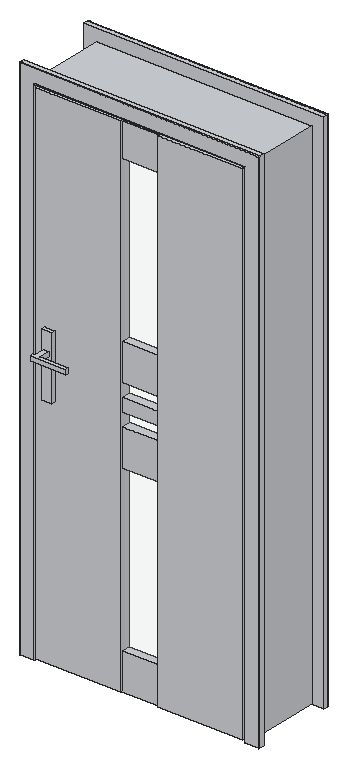
Revit family "PortaFOCUSbp_3A", category Drzwi, Revit 2016
Family settings
  Obiekt nadrzędny = Ściana
  Zawsze pionowo = Tak
  Tnij formami wycięć po wczytaniu = Nie
  Współdzielony = Nie
  Punkt obliczania pomieszczeń = Nie
Parameters (values of type "PN 80")
  Zakres szerokości muru [instance] = if(and(Szerokość ściany > 94 mm, Szerokość ściany < 120 mm), "B", (if(and(Szerokość ściany > 119 mm, Szerokość ściany < 140 mm), "C", (if(and(Szerokość ściany > 139 mm, Szerokość ściany < 160 mm), "D", (if(and(Szerokość ściany > 159 mm, Szerokość ściany < 180 mm), "E", (if(and(Szerokość ściany > 179 mm, Szerokość ściany < 200 mm), "F", (if(and(Szerokość ściany > 199 mm, Szerokość ściany < 220 mm), "G", (if(and(Szerokość ściany > 219 mm, Szerokość ściany < 240 mm), "H", (if(and(Szerokość ściany > 239 mm, Szerokość ściany < 260 mm), "I", (if(and(Szerokość ściany > 259 mm, Szerokość ściany < 280 mm), "J", (if(and(Szerokość ściany > 279 mm, Szerokość ściany < 301 mm), "K", "BRAK")))))))))))))))))))  # "K"
  Wysokość brutto = 2060 mm
  Szerokość ściany [instance] = 300 mm
  Szerokość brutto = 880 mm
  Model = "Porta Focus 3A"
  Materiał_szyba = Szkło
  Konstrukcja analityczna = "<Brak>"
  Funkcja = Wewnętrzna
  URL = "www.porta.com.pl"
  Ss = 818 mm
  Sb = 846 mm
  Producent = "PORTA KMI POLAND"
  Keynote = ""
  Opis = "Własność Porta KMI Poland, wszelkie prawa zastrzeżone."  # constant formula
  Wysokość = 2016 mm
  Zakończenie ściany = Wg obiektu nadrzędnego
  Szerokość = 800 mm
  Materiał_skrzydło [instance] = none
  Materiał_ościeżnica [instance] = none
  Materiał_klamka [instance] = none
  Hs = 2017 mm
Types (5, lengths in mm): name | Szerokość brutto | Materiał_szyba | Ss | Sb | Szerokość
  PN 70 | 780 | none | 718 | 746 | 700
  PN 60 | 680 | none | 618 | 646 | 600
  PN 80 | 880 | Szkło | 818 | 846 | 800
  PN 90 | 980 | none | 918 | 946 | 900
  PN 100 | 1080 | none | 1018 | 1046 | 1000
Reference planes
  plane 1: y = 0
  plane 2 "Środek (Lewa/Prawa)": x = 0
  plane 3 "Lewy": x = -440
  plane 4 "Prawy": x = 440
  plane 5: z = 2060
  plane 6 "Zewnętrzna": y = 150
  plane 7 "Wewnętrzna": y = -150
  plane 8 "skrzydło": y = -129
Forms (mm)
  Sweep 1, solid, material <- "Materiał_ościeżnica"
    path in 3D
      loop
        line (-440, -150, 0) -> (-440, -150, 2060) -> (440, -150, 2060) -> (440, -150, 0)
    profile origin (-440, -150, 1030) x (0, -1, 0) y (1, 0, 0)
      loop
        line (-24, 39) -> (-72, 39) -> (-72, 17) -> (0, 17) -> (0, -33) -> (16, -33)
        arc (16, -33) -> (18.121, -32.121) -> (19, -30) r 3
        line (19, -30) -> (19, 24)
        arc (19, 24) -> (18.121, 26.121) -> (16, 27) r 3
        line (16, 27) -> (-24, 27) -> (-24, 39)
  Sweep 2, solid, material <- "Materiał_ościeżnica"
    path in 3D
      loop
        line (440, 150, 0) -> (440, 150, 2060) -> (-440, 150, 2060) -> (-440, 150, 0)
    profile origin (-440, 150, 1030) x (1, 0, 0) y (0, 1, 0)
      loop
        line (-33, 0) -> (17, 0) -> (17, -228) -> (39, -228) -> (39, -1)
        arc (39, -1) -> (37.536, 2.536) -> (34, 4) r 5
        line (34, 4) -> (25, 4) -> (25, 16)
        arc (25, 16) -> (24.121, 18.121) -> (22, 19) r 3
        line (22, 19) -> (-30, 19)
        arc (-30, 19) -> (-32.121, 18.121) -> (-33, 16) r 3
        line (-33, 16) -> (-33, 0)
  Sweep 3, solid, not visible
    path in 3D
      loop
        line (-440, -150, 0) -> (-440, -150, 2060)
    profile origin (-440, -150, 1030) x (0, -1, 0) y (1, 0, 0)
      loop
        line (-151, 17) -> (-149, 17) -> (-149, 19) -> (-151, 19) -> (-151, 17)
Cuts and joins
  joined: Sweep 1, Sweep 2
Lines and regions (mm)
  Opening 1
    outline origin (-3050, -150, 0) x (1, 0, 0) y (0, 0, 1)
      loop
        line (2610, 0) -> (3490, 0) -> (3490, 2060) -> (2610, 2060) -> (2610, 0)
  sketch lines
    curve 1: line (-440, -150, 0) -> (-440, -150, 2060)
    curve 2: line (-440, -150, 2060) -> (440, -150, 2060)
    curve 3: line (440, -150, 2060) -> (440, -150, 0)
    curve 4: line (-440, 150, 2060) -> (-440, 150, 0)
    curve 5: line (440, 150, 2060) -> (-440, 150, 2060)
    curve 6: line (440, 150, 0) -> (440, 150, 2060)
    curve 12: line (-440, -150, 0) -> (-440, -150, 2060)
  symbolic lines, style "DoorsPanelProjection"
    curve 7: line (409, -150, 0) -> (409, -968, 0)
    curve 8: line (409, -968, 0) -> (369, -968, 0)
    curve 9: line (369, -968, 0) -> (369, -150, 0)
    curve 10: line (369, -150, 0) -> (409, -150, 0)
  symbolic lines, style "Ugięcie rzutu"
    curve 11: arc (-409, -150, 0) -> (-169.413, -728.413, 0) -> (409, -968, 0) r 818
Text (mm)
  text "Zewnętrzna" at (-2295.016, 1099.543, 0), in view "Poziom odniesienia"
  text "Zewnętrzna" at (0, 1615.38, 3698.081), in view "Lewy"
  text "Zewnętrzna" at (0, 1036.032, 3874.932), in view "Prawy"
Dimensions and locks
  equal spacing: plane 3 "Lewy", plane 2 "Środek (Lewa/Prawa)", plane 4 "Prawy"
  "Szerokość brutto": plane 3 "Lewy" to plane 4 "Prawy"
  "Wysokość brutto": plane 5 to host wall
  host wall to plane 5 = 2060 mm  (x2)
  locked: plane 6 "Zewnętrzna" to host wall at 0
  locked: plane 7 "Wewnętrzna" to host wall
  "Sb": Sweep 1 to Sweep 1
  locked: Sweep 1 sketch curve to Sweep 1 sketch curve at 22
  Sweep 1 sketch curve to Sweep 1 sketch curve = 50 mm
  locked: Sweep 1 sketch curve to profile plane at 72
  locked: Sweep 2 sketch curve to Sweep 2 sketch curve at 50
  locked: Sweep 2 sketch curve to Sweep 2 sketch curve at 22
  locked: Sweep 2 sketch curve to plane 6 "Zewnętrzna" at 1
  locked: curve 9 to curve 7 at 40
  "Ss": curve 8 to curve 10
  equal spacing: curve 11, plane 2 "Środek (Lewa/Prawa)", curve 7
  locked: plane 7 "Wewnętrzna" to plane 8 "skrzydło" at 21
  locked: host wall to Sweep 3 sketch curve at 1
  locked: Sweep 3 sketch curve to host wall at 1
  locked: Sweep 3 sketch curve to plane 6 "Zewnętrzna" at 151
  locked: plane 7 "Wewnętrzna" to Sweep 3 sketch curve at 151
  nested 1 to plane 2 "Środek (Lewa/Prawa)" to nested 1 = 409 mm, 409 mm
  locked: nested 1 to level at 8
  "Szerokość ściany": host wall to host wall
  aligned and locked: plane 3 "Lewy" to Opening 1 sketch curve
  aligned and locked: plane 5 to Opening 1 sketch curve  (x2)
  aligned and locked: Opening 1 sketch curve to plane 4 "Prawy"
  aligned and locked: Opening 1 sketch curve to level
  aligned and locked: plane 1 to host wall
  aligned and locked: Sweep 1 to Sweep 2 sketch curve
  aligned and locked: plane 7 "Wewnętrzna" to curve 10
  aligned and locked: Sweep 3 sketch curve to cut or joined group of Sweep 1, Sweep 2
  aligned and locked: Sweep 2 sketch curve to cut or joined group of Sweep 1, Sweep 2
  aligned and locked: nested 1 to plane 8 "skrzydło"
  aligned and locked: plane 2 "Środek (Lewa/Prawa)" to nested 1
Automatic sketch dimensions
  profile plane to Sweep 1 sketch curve = 24 mm
  Sweep 1 sketch curve to profile plane = 16 mm  (x2)
  Sweep 1 sketch curve to Sweep 1 sketch curve = 3 mm
  profile plane to Sweep 1 sketch curve = 17 mm
  Sweep 1 sketch curve to Sweep 1 sketch curve = 7 mm
  Sweep 1 sketch curve to profile plane = 0 mm
  Sweep 2 sketch curve to profile plane = 0 mm
  Sweep 2 sketch curve to profile plane = 16 mm
  Sweep 2 sketch curve to Sweep 2 sketch curve = 3 mm
  Sweep 2 sketch curve to Sweep 2 sketch curve = 5 mm
  Sweep 2 sketch curve to profile plane = 4 mm
  Sweep 2 sketch curve to Sweep 2 sketch curve = 8 mm
  curve 11 to host wall = 0 mm
  Sweep 3 sketch curve to Sweep 3 sketch curve = 2 mm
Nested families
  nested 1: "skrzydło" at (0, -135.5, 0), type "skrzydło"
Definition of nested family "skrzydło"
  Parameters
    Ss = 818 mm
    Materiał_skrzydło = none
    Materiał_klamka = none
    Materiał szyba = none
    Hs = 2017 mm
  Reference planes
    plane 1 "Tył": y = 6.5
    plane 2: z = 0
    plane 3 "Środek (Lewa/Prawa)": x = 0
    plane 4 "Przód": y = -33.5
    plane 5: z = 2025
    plane 6 "Centrum": y = -13.5
    plane 7: z = 8
    plane 8: x = -409
    plane 9: x = 409
    plane 10: x = -72.5
    plane 11: x = 72.5
  Forms (mm)
    Extrusion 1, solid, material <- "Materiał_skrzydło"
      sketch origin (-1191.728, -1524, 8) x (-1, 0, 0) y (0, -1, 0)
        loop
          line (-1119.228, -1490.5) -> (-1119.228, -1530.5) -> (-782.728, -1530.5) -> (-782.728, -1490.5) -> (-1119.228, -1490.5)
        loop
          line (-1600.728, -1530.5) -> (-1264.228, -1530.5) -> (-1264.228, -1490.5) -> (-1600.728, -1490.5) -> (-1600.728, -1530.5)
      from 0 to 2017
    Extrusion 2, solid, material <- "Materiał szyba"
      sketch origin (-892.016, -13.5, 1200) x (-1, 0, 0) y (0, 0, 1)
        loop
          line (-819.516, 824) -> (-964.516, 824) -> (-964.516, -1191) -> (-819.516, -1191) -> (-819.516, 824)
      from -4 to 4
    Extrusion 3, solid, material <- "Materiał_skrzydło"
      sketch origin (-892.016, -13.5, 1200) x (-1, 0, 0) y (0, 0, 1)
        loop
          line (-819.516, -1047) -> (-964.516, -1047) -> (-964.516, -1192) -> (-819.516, -1192) -> (-819.516, -1047)
        loop
          line (-819.516, -255) -> (-964.516, -255) -> (-964.516, -400) -> (-819.516, -400) -> (-819.516, -255)
        loop
          line (-819.516, 46) -> (-964.516, 46) -> (-964.516, -99) -> (-819.516, -99) -> (-819.516, 46)
        loop
          line (-819.516, 825) -> (-964.516, 825) -> (-964.516, 693) -> (-819.516, 693) -> (-819.516, 825)
        loop
          line (-819.516, -203) -> (-819.516, -151) -> (-964.516, -151) -> (-964.516, -203) -> (-819.516, -203)
      from -16.7 to 16.7
  Dimensions and locks
    locked: plane 7 to level at 8
    "Hs": plane 5 to plane 7
    locked: nested 1 to plane 7 at 934
    locked: plane 7 to nested 2 at 934
    equal spacing: plane 4 "Przód", plane 6 "Centrum", plane 1 "Tył"
    equal spacing: plane 8, plane 3 "Środek (Lewa/Prawa)", plane 9
    "Ss": plane 8 to plane 9
    locked: plane 8 to nested 1 at 55
    locked: plane 8 to nested 2 at 55
    plane 10 to plane 3 "Środek (Lewa/Prawa)" to plane 11 = 72.5 mm locked, 72.5 mm locked
    aligned and locked: nested 1 to plane 4 "Przód"
    aligned and locked: plane 5 to Extrusion 1
    aligned and locked: nested 2 to nested 1
    aligned and locked: Extrusion 1 sketch curve to plane 8
    aligned and locked: Extrusion 1 sketch curve to plane 9
    aligned and locked: Extrusion 1 sketch curve to plane 1 "Tył"
    aligned and locked: Extrusion 1 sketch curve to plane 4 "Przód"
    aligned and locked: plane 10 to Extrusion 2 sketch curve
    aligned and locked: Extrusion 2 sketch curve to plane 11
    aligned and locked: Extrusion 1 sketch curve to plane 10
    aligned and locked: plane 11 to Extrusion 1 sketch curve
    aligned and locked: plane 10 to Extrusion 3 sketch curve
    aligned and locked: Extrusion 3 sketch curve to plane 11
    aligned and locked: plane 7 to Extrusion 3 sketch curve
    aligned and locked: plane 5 to Extrusion 3 sketch curve
  Automatic sketch dimensions
    plane 1 "Tył" to Extrusion 1 sketch curve = 0 mm
    Extrusion 1 sketch curve to plane 4 "Przód" = 0 mm
    Extrusion 2 sketch curve to plane 5 = 1 mm
    plane 7 to Extrusion 2 sketch curve = 1 mm
    plane 11 to Extrusion 3 sketch curve = 0 mm  (x4)
    Extrusion 3 sketch curve to plane 10 = 0 mm  (x4)
    Extrusion 3 sketch curve to Extrusion 3 sketch curve = 145 mm  (x3)
    Extrusion 3 sketch curve to Extrusion 3 sketch curve = 647 mm
    Extrusion 3 sketch curve to Extrusion 3 sketch curve = 52 mm  (x3)
    Extrusion 3 sketch curve to plane 5 = 132 mm
  Nested families
    nested 1: "KLAMKA" at (-354, -33.5, 1067), Materiał klamki <- "Materiał_klamka", type "KLAMKA"
      with Materiał klamki none
    nested 2: "KLAMKA" at (-354, 6.5, 1067), Materiał klamki <- "Materiał_klamka", type "KLAMKA"
      with Materiał klamki none
  Definition of nested family "KLAMKA"
    Parameters
      Materiał klamki [instance] = none
      Assembly Code = ""
      Default Elevation = 1219.2 mm
    Reference planes
      plane 1 "Center (Front/Back)": y = 0
      plane 2: z = 0
      plane 3 "Center (Left/Right)": x = 0
      plane 4: z = 125
      plane 5: z = -125
      plane 6: x = 20
      plane 7: x = -20
      plane 8: y = -70
      plane 9: y = -60
      plane 10: x = 10
      plane 11: x = -10
      plane 12: x = 120
      plane 13: z = 35
      plane 14: z = 55
      plane 15: y = -15
    Forms (mm)
      Extrusion 1, solid, material <- "Materiał klamki"
        sketch origin (0, 0, 0) x (1, 0, 0) y (0, 0, 1)
          loop
            line (-20, 125) -> (-20, -125) -> (20, -125) -> (20, 125) -> (-20, 125)
        from 0 to 15
      Extrusion 2, solid, material <- "Materiał klamki"
        sketch origin (0, 0, 0) x (1, 0, 0) y (0, 1, 0)
          loop
            line (-10, -15) -> (-10, -60) -> (-20, -60) -> (-20, -70) -> (120, -70) -> (120, -60) -> (10, -60) -> (10, -15) -> (-10, -15)
        from 35 to 55
    Dimensions and locks
      equal spacing: plane 4, plane 2, plane 5
      plane 4 to plane 5 = 250 mm
      equal spacing: plane 7, plane 3 "Center (Left/Right)", plane 6
      plane 7 to plane 6 = 40 mm
      plane 8 to plane 1 "Center (Front/Back)" = 70 mm
      plane 11 to plane 3 "Center (Left/Right)" to plane 10 = 10 mm locked, 10 mm locked
      plane 7 to plane 12 = 140 mm
      plane 15 to plane 1 "Center (Front/Back)" = 15 mm
      aligned and locked: plane 7 to Extrusion 1 sketch curve
      aligned and locked: Extrusion 1 sketch curve to plane 4
      aligned and locked: plane 5 to Extrusion 1 sketch curve
      aligned and locked: Extrusion 1 sketch curve to plane 6
      aligned and locked: plane 15 to Extrusion 1
      aligned and locked: Extrusion 1 to plane 1 "Center (Front/Back)"
      aligned and locked: plane 14 to Extrusion 2
      aligned and locked: Extrusion 2 to plane 13
    Automatic sketch dimensions
      Extrusion 2 sketch curve to plane 7 = 0 mm
      Extrusion 2 sketch curve to plane 9 = 0 mm  (x2)
      Extrusion 2 sketch curve to plane 11 = 0 mm
      Extrusion 2 sketch curve to plane 10 = 0 mm
      Extrusion 2 sketch curve to plane 12 = 0 mm
      Extrusion 2 sketch curve to plane 8 = 0 mm
      Extrusion 2 sketch curve to plane 15 = 0 mm
